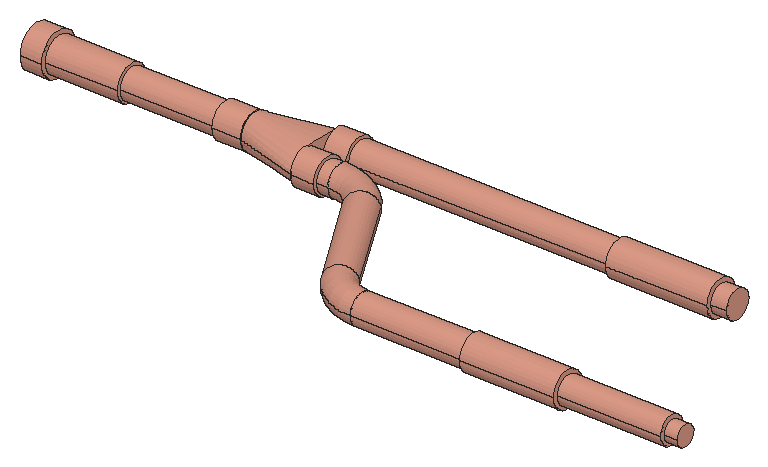
Revit family "outputfile", category 配管付属品, Revit 2024
Family settings
  丸型コネクタ寸法 = 半径を使用
  パーツ タイプ = 標準
  OmniClass 番号 = 23.65.55.00
  OmniClass タイトル = Distribution of Supplied Liquids/Gases
  作業面ベース = いいえ
  常に垂直 = はい
  ロード時にボイドで切り取り = いいえ
  共有 = いいえ
Parameters (values of type "BHRP26A72TA")
  Description = ""
  製造元 = "Daikin"
  書き出し IFC クラス(タイプ) = "IfcPipeFittingType"
  定義済み IFC タイプ(タイプ) = "JUNCTION"
  Cost = 0
  Type Comments = ""
  Keynote = ""
  Type Image = (empty or 0)
  Assembly Code = ""
  mm⇔inch [instance] = yes
  l_InletPipe4 = 12.0 mm
  built-in parameter 1114242 [instance] = (empty or 0)
  Default Elevation = 0.0 mm
  モデル = "BHRP26A72TA"
  table_StraightPipe [instance] = if(mm⇔inch, "Refnet Joint_BHRP26A-TA_Liquid_StraightPipe", "Refnet Joint_BHRP26A-TA_Liquid_StraightPipe_inch")  # "Refnet Joint_BHRP26A-TA_Liquid_StraightPipe"
  table_BranchPipe [instance] = if(mm⇔inch, "Refnet Joint_BHRP26A-TA_Liquid_BranchPipe", "Refnet Joint_BHRP26A-TA_Liquid_BranchPipe_inch")  # "Refnet Joint_BHRP26A-TA_Liquid_BranchPipe"
  table_Inlet [instance] = if(mm⇔inch, "Refnet Joint_BHRP26A-TA_Liquid_Inlet", "Refnet Joint_BHRP26A-TA_Liquid_Inlet_inch")  # "Refnet Joint_BHRP26A-TA_Liquid_Inlet"
  switch_StraightPipe_Reducer [instance] = if(Is_StraightPipe Reducer = 1, 1 = 1, 1 = 0)  # no
  switch_StraightPipe3 [instance] = if(number_StraightPipe = 3, 1 = 1, 1 = 0)  # no
  switch_StraightPipe2 [instance] = if(number_StraightPipe < 2, 1 = 0, 1 = 1)  # yes
  switch_BranchPipe_Reducer [instance] = if(Is_BranchPipe Reducer = 1, 1 = 1, 1 = 0)  # no
  switch_BranchPipe3 [instance] = if(number_BranchPipe = 3, 1 = 1, 1 = 0)  # yes
  switch_BranchPipe2 [instance] = if(number_BranchPipe < 2, 1 = 0, 1 = 1)  # yes
  switch_Inlet pipe_Reducer [instance] = if(Is_Inlet Reducer = 1, 1 = 1, 1 = 0)  # no
  switch_Inlet pipe3 [instance] = if(number_InletPipe = 3, 1 = 1, 1 = 0)  # no
  switch_Inlet pipe2 [instance] = if(number_InletPipe < 2, 1 = 0, 1 = 1)  # yes
  Uniclass2015Version = "Products v1.31"
  Uniclass2015Title = "Copper pipe fittings"
  Uniclass2015Code = "Pr_65_52_63_18"
  URL = ""
  StraightPipe_Liquid_ActualDiameter [instance] = 9.5 mm
  Material_Piping = DAIKIN_Copper_Pipe
  Material_Insulation = DAIKIN_White_Insulation
  lw_Insulation [instance] = size_lookup(table_Inlet, "lw_Insulation", 38.0 mm, モデル)  # 52.0 mm
  Unit Type = "BHRP26A-TA_Liquid"
  Tag No. [instance] = ""
  StraightPipe_Liquid_Status [instance] = size_lookup(table_StraightPipe, "Information", "The connected pipe size is not available.", モデル, StraightPipe_Liquid_ActualDiameter)  # "Default connector size is used."
  Link_Nested Family [instance] = ""
  Inlet_Liquid_Actual Diameter [instance] = 15.9 mm
  IfcVersion = ""
  IfcExportType = "JUNCTION"
  IfcExportAs = "IfcPipeFittingType"
  BranchPipe_Liquid_Status [instance] = size_lookup(table_BranchPipe, "Information", "The connected pipe size is not available.", モデル, BranchPipe_Liquid_ActualDiameter)  # "Default connector size is used."
  Inlet_Liquid_Status [instance] = size_lookup(table_Inlet, "Information", "The connected pipe size is not available.", モデル, Inlet_Liquid_Actual Diameter)  # "Default connector size is used."
  Series = "Refnet Joint"
  O.R_dividePipe_Inlet [instance] = (I.D_InletPipe1 + 2.0 mm) / 2  # 7.35 mm
  r_StraightPipe_Connector [instance] = StraightPipe_Liquid_ActualDiameter / 2  # 4.75 mm
  r_BranchPipe_Connector [instance] = BranchPipe_Liquid_ActualDiameter / 2  # 3.2 mm
  r_Inlet_Connector [instance] = Inlet_Liquid_Actual Diameter / 2  # 7.95 mm
  number_StraightPipe [instance] = size_lookup(table_StraightPipe, "pipeNumber", 2, モデル, StraightPipe_Liquid_ActualDiameter)  # 2
  number_BranchPipe [instance] = size_lookup(table_BranchPipe, "pipeNumber", 2, モデル, BranchPipe_Liquid_ActualDiameter)  # 3
  number_InletPipe [instance] = size_lookup(table_Inlet, "pipeNumber", 1, モデル, Inlet_Liquid_Actual Diameter)  # 2
  r_BranchPipeR [instance] = size_lookup(table_BranchPipe, "r_offsetPipeR", 18.0 mm, モデル, BranchPipe_Liquid_ActualDiameter)  # 20.0 mm
  l_BranchPipe_Straight2 [instance] = size_lookup(table_BranchPipe, "L_offsetPipe2", 26.5 mm, モデル)  # 47.0 mm
  l_BranchPipe_Straight1 [instance] = size_lookup(table_BranchPipe, "L_offsetPipe1", 5.0 mm, モデル)  # 5.0 mm
  l_BranchPipe connector [instance] = size_lookup(table_BranchPipe, "Length", 150.0 mm, モデル, BranchPipe_Liquid_ActualDiameter)  # 212.0 mm
  l_inlet connector [instance] = size_lookup(table_Inlet, "Length", 70.0 mm, モデル, Inlet_Liquid_Actual Diameter)  # 92.0 mm
  l_dividePipe [instance] = size_lookup(table_Inlet, "L_devidePipe", 30.0 mm, モデル)  # 28.0 mm
  l_StraightPipeReducer [instance] = size_lookup(table_StraightPipe, "L_Reducer", 80.0 mm, モデル, StraightPipe_Liquid_ActualDiameter)  # 80.0 mm
  l_StraightPipe3 [instance] = size_lookup(table_StraightPipe, "L_Pipe3", 2.0 mm, モデル)  # 2.0 mm
  l_StraightPipe2 [instance] = size_lookup(table_StraightPipe, "L_Pipe2", 6.0 mm, モデル)  # 7.0 mm
  l_StraightPipe1 [instance] = size_lookup(table_StraightPipe, "L_Pipe1", 44.0 mm, モデル)  # 43.0 mm
  l_StraightPipe0 [instance] = size_lookup(table_StraightPipe, "L_Pipe0", 130.0 mm, モデル)  # 110.0 mm
  l_StraightPipe connector [instance] = size_lookup(table_StraightPipe, "Length", 190.0 mm, モデル, StraightPipe_Liquid_ActualDiameter)  # 170.0 mm
  l_BranchPipe Reducer [instance] = size_lookup(table_BranchPipe, "L_Reducer", 50.0 mm, モデル, BranchPipe_Liquid_ActualDiameter)  # 50.0 mm
  l_BranchPipe3 [instance] = size_lookup(table_BranchPipe, "L_Pipe3", 2.0 mm, モデル)  # 6.0 mm
  l_BranchPipe2 [instance] = size_lookup(table_BranchPipe, "L_Pipe2", 6.0 mm, モデル)  # 44.0 mm
  l_BranchPipe1 [instance] = size_lookup(table_BranchPipe, "L_Pipe1", 44.0 mm, モデル)  # 40.0 mm
  l_BranchPipe0 [instance] = size_lookup(table_BranchPipe, "L_Pipe0", 90.0 mm, モデル)  # 112.0 mm
  l_InletReducer [instance] = size_lookup(table_Inlet, "L_Reducer", 80.0 mm, モデル, Inlet_Liquid_Actual Diameter)  # 80.0 mm
  l_InletPipe3 [instance] = size_lookup(table_Inlet, "L_Pipe3", 2.0 mm, モデル)  # 2.0 mm
  l_InletPipe2 [instance] = size_lookup(table_Inlet, "L_Pipe2", 2.0 mm, モデル)  # 9.0 mm
  l_InletPipe1 [instance] = size_lookup(table_Inlet, "L_Pipe1", 7.0 mm, モデル)  # 31.0 mm
  l_InletPipe0 [instance] = size_lookup(table_Inlet, "L_Pipe0", 53.0 mm, モデル)  # 40.0 mm
  center_StraightPipe [instance] = size_lookup(table_StraightPipe, "center_Pipe", 6.5 mm, モデル)  # 8.5 mm
  center_BranchPipe2 [instance] = size_lookup(table_BranchPipe, "center_OffsetPipe", 73.5 mm, モデル)  # 71.5 mm
  center_BranchPipe1 [instance] = size_lookup(table_BranchPipe, "center_Pipe", 6.5 mm, モデル)  # 8.5 mm
  StraightPipe_Liquid_AvailableDiameter [instance] = size_lookup(table_StraightPipe, "sizeVariation", "", モデル)  # "9.5/12.7/15.9mm"
  BranchPipe_Liquid_AvailableDiameter [instance] = size_lookup(table_BranchPipe, "sizeVariation", "", モデル)  # "6.4/9.5/12.7mm"
  Inlet_Liquid_Available Diameter [instance] = size_lookup(table_Inlet, "sizeVariation", "", モデル)  # "12.7/15.9/19.1mm"
  O.D_StraightPipe Reducer [instance] = size_lookup(table_StraightPipe, "O.D_reducer", 2.0 mm, モデル, StraightPipe_Liquid_ActualDiameter)  # 2.0 mm
  O.D_Offset Outlet Reducer [instance] = size_lookup(table_BranchPipe, "O.D_reducer", 2.0 mm, モデル, BranchPipe_Liquid_ActualDiameter)  # 2.0 mm
  O.D_Inlet Reducer [instance] = size_lookup(table_Inlet, "O.D_reducer", 2.0 mm, モデル, Inlet_Liquid_Actual Diameter)  # 2.0 mm
  Is_StraightPipe Reducer [instance] = size_lookup(table_StraightPipe, "IsReducer", 0, モデル, StraightPipe_Liquid_ActualDiameter)  # 0
  Is_BranchPipe Reducer [instance] = size_lookup(table_BranchPipe, "IsReducer", 0, モデル, BranchPipe_Liquid_ActualDiameter)  # 0
  Is_Inlet Reducer [instance] = size_lookup(table_Inlet, "IsReducer", 0, モデル, Inlet_Liquid_Actual Diameter)  # 0
  BranchPipe_Liquid_ActualDiameter [instance] = 6.4 mm
  Attach_Insulation [instance] = no
  I.D_StraightPipe3 [instance] = size_lookup(table_StraightPipe, "I.D_PipeSize3", 2.0 mm, モデル)  # 2.0 mm
  I.D_StraightPipe2 [instance] = size_lookup(table_StraightPipe, "I.D_PipeSize2", 6.4 mm, モデル)  # 9.5 mm
  I.D_StraightPipe1 [instance] = size_lookup(table_StraightPipe, "I.D_PipeSize1", 9.5 mm, モデル)  # 12.7 mm
  I.D_StraightPipe0 [instance] = size_lookup(table_StraightPipe, "I.D_PipeSize0", 7.5 mm, モデル)  # 10.7 mm
  I.D_BranchPipe3 [instance] = size_lookup(table_BranchPipe, "I.D_PipeSize3", 2.0 mm, モデル)  # 6.4 mm
  I.D_BranchPipe2 [instance] = size_lookup(table_BranchPipe, "I.D_PipeSize2", 6.4 mm, モデル)  # 9.5 mm
  I.D_BranchPipe1 [instance] = size_lookup(table_BranchPipe, "I.D_PipeSize1", 9.5 mm, モデル)  # 12.7 mm
  I.D_BranchPipe0 [instance] = size_lookup(table_BranchPipe, "I.D_PipeSize0", 7.5 mm, モデル)  # 10.7 mm
  I.D_Straight Reducer [instance] = size_lookup(table_StraightPipe, "I.D_reducer", 2.0 mm, モデル, StraightPipe_Liquid_ActualDiameter)  # 2.0 mm
  I.D_OutletPipe [instance] = size_lookup(table_Inlet, "I.D_OutletPipeSize", 9.6 mm, モデル, Inlet_Liquid_Actual Diameter)  # 12.8 mm
  I.D_Branch Reducer [instance] = size_lookup(table_BranchPipe, "I.D_reducer", 2.0 mm, モデル, BranchPipe_Liquid_ActualDiameter)  # 2.0 mm
  I.D_Inlet Reducer [instance] = size_lookup(table_Inlet, "I.D_reducer", 2.0 mm, モデル, Inlet_Liquid_Actual Diameter)  # 2.0 mm
  I.D_InletPipe3 [instance] = size_lookup(table_Inlet, "I.D_PipeSize3", 2.0 mm, モデル)  # 2.0 mm
  I.D_InletPipe2 [instance] = size_lookup(table_Inlet, "I.D_PipeSize2", 2.0 mm, モデル)  # 15.9 mm
  I.D_InletPipe1 [instance] = size_lookup(table_Inlet, "I.D_PipeSize1", 9.5 mm, モデル)  # 12.7 mm
  I.D_InletPipe0 [instance] = size_lookup(table_Inlet, "I.D_PipeSize0", 7.5 mm, モデル)  # 10.7 mm
Reference planes
  plane 1 "Center (Front/Back)": y = 0
  plane 2: z = 0
  plane 3 "base_left": x = 0
  plane 4: x = 2
  plane 5: x = 11
  plane 6: x = 42
  plane 7: x = 82
  plane 8: x = 94
  plane 9: x = 122
  plane 10: x = 132
  plane 11 "center_straight outlet": y = 8.5
  plane 12 "center2_offset outlet": y = -71.5
  plane 13 "center1_offset outlet": y = -8.5
  plane 14: x = 242
  plane 15: x = 285
  plane 16: x = 292
  plane 17: x = 244
  plane 18: x = 284
  plane 19: x = 328
  plane 20: x = 294
  plane 21: x = 334
  plane 22 "Reducer_straightoutlet": x = 334
  plane 23: x = 292
  plane 24: y = -15.85
  plane 25: z = 7.35
  plane 26 "Inlet_connector": x = 2
  plane 27 "Left_Insulation": x = 42
Forms (mm)
  SweptBlend 1, solid, material "DAIKIN_Copper_Pipe" <- "Material_Piping"
    path origin (0, 0, 0) x (1, 0, 0) y (0, 1, 0)
      loop
        line (94, 0) -> (122, 0)
    profile origin (94, 0, 0) x (0, 1, 0) y (0, 0, 1)
      loop
        circle (0, 0) r 7.35
    end profile origin (122, 0, 0) x (0, 1, 0) y (0, 0, 1)
      loop
        spline (-15.85, 0) -> (-15.31, -1.902) -> (-13.727, -3.675) -> (-11.208, -5.197) -> (-7.925, -6.365) -> (-4.102, -7.1) -> (0, -7.35) -> (4.102, -7.1) -> (7.925, -6.365) -> (11.208, -5.197) -> (13.727, -3.675) -> (15.31, -1.902) -> (15.85, 0)
        spline (15.85, 0) -> (15.31, 1.902) -> (13.727, 3.675) -> (11.208, 5.197) -> (7.925, 6.365) -> (4.102, 7.1) -> (0, 7.35) -> (-4.102, 7.1) -> (-7.925, 6.365) -> (-11.208, 5.197) -> (-13.727, 3.675) -> (-15.31, 1.902) -> (-15.85, 0)
Dimensions and locks
  "l_InletPipe3": plane 3 "base_left" to plane 4
  "l_InletPipe2": plane 4 to plane 5
  "l_InletPipe1": plane 5 to plane 6
  "l_InletPipe0": plane 6 to plane 7
  "l_InletPipe4": plane 7 to plane 8
  "center_StraightPipe": plane 1 "Center (Front/Back)" to plane 11 "center_straight outlet"
  "center_BranchPipe2": plane 12 "center2_offset outlet" to plane 1 "Center (Front/Back)"
  "center_BranchPipe1": plane 13 "center1_offset outlet" to plane 1 "Center (Front/Back)"
  "l_dividePipe": plane 8 to plane 9
  plane 9 to plane 10 = 10.0 mm
  "l_StraightPipe0": plane 10 to plane 14
  "l_BranchPipe0": plane 10 to plane 17
  "l_BranchPipe1": plane 17 to plane 18
  "l_BranchPipe2": plane 18 to plane 19
  "l_StraightPipe1": plane 14 to plane 15
  "l_StraightPipe2": plane 15 to plane 16
  "l_StraightPipe3": plane 16 to plane 20
  "l_BranchPipe3": plane 19 to plane 21
  "l_BranchPipe connector": plane 9 to plane 22 "Reducer_straightoutlet"
  "l_StraightPipe connector": plane 9 to plane 23
  "O.R_dividePipe_Inlet": plane 24 to plane 13 "center1_offset outlet"
  "O.R_dividePipe_Inlet": plane 25 to plane 2
  "l_inlet connector": plane 26 "Inlet_connector" to plane 8
  "lw_Insulation": plane 27 "Left_Insulation" to plane 8
  "O.R_dividePipe_Inlet": radius of SweptBlend 1 sketch curve
  aligned and locked: level to plane 2
  aligned and locked: plane 2 to nested 1
  aligned and locked: plane 3 "base_left" to nested 1
  aligned and locked: plane 1 "Center (Front/Back)" to nested 1
  aligned and locked: plane 4 to nested 2
  aligned and locked: plane 1 "Center (Front/Back)" to nested 2
  aligned and locked: plane 5 to nested 2
  aligned and locked: plane 5 to nested 3
  aligned and locked: plane 6 to nested 3
  aligned and locked: plane 6 to nested 4
  aligned and locked: nested 4 to plane 7
  aligned and locked: nested 5 to plane 7
  aligned and locked: nested 5 to plane 8
  aligned and locked: plane 8 to SweptBlend 1 sketch curve
  aligned and locked: plane 9 to SweptBlend 1 sketch curve
  aligned and locked: plane 2 to SweptBlend 1 sketch curve  (x2)
  aligned and locked: plane 1 "Center (Front/Back)" to SweptBlend 1 sketch curve  (x2)
  aligned and locked: nested 6 to plane 9
  aligned and locked: nested 7 to plane 9
  aligned and locked: nested 6 to plane 11 "center_straight outlet"
  aligned and locked: nested 7 to plane 13 "center1_offset outlet"
  aligned and locked: nested 7 to plane 10
  aligned and locked: nested 6 to plane 10
  aligned and locked: nested 8 to plane 10
  aligned and locked: plane 14 to nested 8
  aligned and locked: nested 8 to plane 11 "center_straight outlet"
  aligned and locked: plane 14 to nested 9
  aligned and locked: nested 9 to plane 11 "center_straight outlet"
  aligned and locked: plane 15 to nested 9
  aligned and locked: nested 10 to plane 11 "center_straight outlet"
  aligned and locked: plane 15 to nested 10
  aligned and locked: plane 16 to nested 10
  aligned and locked: nested 11 to plane 12 "center2_offset outlet"
  aligned and locked: plane 17 to nested 11
  aligned and locked: plane 18 to nested 11
  aligned and locked: nested 12 to plane 12 "center2_offset outlet"
  aligned and locked: plane 18 to nested 12
  aligned and locked: plane 19 to nested 12
  aligned and locked: nested 13 to plane 10
  aligned and locked: nested 13 to plane 13 "center1_offset outlet"
  aligned and locked: nested 13 to plane 12 "center2_offset outlet"
  aligned and locked: plane 8 to nested 14
  aligned and locked: plane 1 "Center (Front/Back)" to nested 14
  aligned and locked: plane 11 "center_straight outlet" to nested 15
  aligned and locked: nested 15 to plane 9
  aligned and locked: nested 16 to plane 9
  aligned and locked: plane 12 "center2_offset outlet" to nested 16
  aligned and locked: nested 17 to plane 1 "Center (Front/Back)"
  aligned and locked: plane 16 to nested 18
  aligned and locked: plane 20 to nested 18
  aligned and locked: plane 19 to nested 19
  aligned and locked: plane 21 to nested 19
  aligned and locked: nested 20 to plane 12 "center2_offset outlet"
  aligned and locked: plane 23 to nested 21
  aligned and locked: nested 21 to plane 11 "center_straight outlet"
  aligned and locked: plane 4 to nested 1
  aligned and locked: plane 24 to SweptBlend 1 sketch curve
  aligned and locked: plane 25 to SweptBlend 1 sketch curve
  aligned and locked: nested 19 to plane 12 "center2_offset outlet"
  aligned and locked: nested 18 to plane 11 "center_straight outlet"
  aligned and locked: nested 17 to plane 26 "Inlet_connector"
  aligned and locked: plane 22 "Reducer_straightoutlet" to nested 20
  aligned and locked: plane 27 "Left_Insulation" to nested 22
  aligned and locked: plane 1 "Center (Front/Back)" to nested 22
Automatic sketch dimensions
  plane 1 "Center (Front/Back)" to SweptBlend 1 sketch curve = 0.0 mm
Nested families
  nested 1: "daikin_Pipe" at (1, 0, 0), I.D_Pipe <- "I.D_InletPipe3", display <- "switch_Inlet pipe3", type "*"
    with length_Pipe 2.0 mm, display no, O.D_Pipe 4.0 mm, I.D_Pipe 2.0 mm
  nested 2: "daikin_Pipe" at (6.5, 0, 0), I.D_Pipe <- "I.D_InletPipe2", display <- "switch_Inlet pipe2", type "*"
    with length_Pipe 9.0 mm, display yes, O.D_Pipe 17.9 mm, I.D_Pipe 15.9 mm
  nested 3: "daikin_Pipe" at (26.5, 0, 0), I.D_Pipe <- "I.D_InletPipe1", type "*"
    with length_Pipe 31.0 mm, display yes, O.D_Pipe 14.7 mm, I.D_Pipe 12.7 mm
  nested 4: "daikin_Pipe" at (62, 0, 0), I.D_Pipe <- "I.D_InletPipe0", type "*"
    with length_Pipe 40.0 mm, display yes, O.D_Pipe 12.7 mm, I.D_Pipe 10.7 mm
  nested 5: "daikin_Pipe" at (88, 0, 0), I.D_Pipe <- "I.D_InletPipe1", type "*"
    with length_Pipe 12.0 mm, display yes, O.D_Pipe 14.7 mm, I.D_Pipe 12.7 mm
  nested 6: "daikin_Pipe" at (127, 8.5, 0), I.D_Pipe <- "I.D_OutletPipe", type "*"
    with length_Pipe 10.0 mm, display yes, O.D_Pipe 14.8 mm, I.D_Pipe 12.8 mm
  nested 7: "daikin_Pipe" at (127, -8.5, 0), I.D_Pipe <- "I.D_OutletPipe", type "*"
    with length_Pipe 10.0 mm, display yes, O.D_Pipe 14.8 mm, I.D_Pipe 12.8 mm
  nested 8: "daikin_Pipe" at (187, 8.5, 0), I.D_Pipe <- "I.D_StraightPipe0", type "*"
    with length_Pipe 110.0 mm, display yes, O.D_Pipe 12.7 mm, I.D_Pipe 10.7 mm
  nested 9: "daikin_Pipe" at (263.5, 8.5, 0), I.D_Pipe <- "I.D_StraightPipe1", type "*"
    with length_Pipe 43.0 mm, display yes, O.D_Pipe 14.7 mm, I.D_Pipe 12.7 mm
  nested 10: "daikin_Pipe" at (288.5, 8.5, 0), I.D_Pipe <- "I.D_StraightPipe2", display <- "switch_StraightPipe2", type "*"
    with length_Pipe 7.0 mm, display yes, O.D_Pipe 11.5 mm, I.D_Pipe 9.5 mm
  nested 11: "daikin_Pipe" at (264, -71.5, 0), I.D_Pipe <- "I.D_BranchPipe1", type "*"
    with length_Pipe 40.0 mm, display yes, O.D_Pipe 14.7 mm, I.D_Pipe 12.7 mm
  nested 12: "daikin_Pipe" at (306, -71.5, 0), I.D_Pipe <- "I.D_BranchPipe2", display <- "switch_BranchPipe2", type "*"
    with length_Pipe 44.0 mm, display yes, O.D_Pipe 11.5 mm, I.D_Pipe 9.5 mm
  nested 13: "daikin_Pipe Ofsset" at (132, -8.5, 0), I.D_Pipe size <- "I.D_BranchPipe0", length_straight pipe1 <- "l_BranchPipe_Straight1", length_straight pipe2 <- "l_BranchPipe_Straight2", r_Pipe R <- "r_BranchPipeR", length_Pipe <- "l_BranchPipe0", type "*"
    with r_Pipe R 20.0 mm, length_straight pipe2 47.0 mm, length_straight pipe1 5.0 mm, length_offset center 63.0 mm, length_Pipe 112.0 mm, O.D_Pipe size 12.7 mm, I.D_Pipe size 10.7 mm
  nested 14: "daikin_connector_rotate2" at (94, 0, 0) x (0, -1, 0) z (0, 0, 1), length <- "l_inlet connector", type "daikin_connector_rotate2"
    with radius 5.0 mm, length 92.0 mm, angle_vertical 90.00°, locaton_mark no
  nested 15: "daikin_connector_rotate2" at (122, 8.5, 0) x (0, 1, 0) z (0, 0, 1), length <- "l_StraightPipe connector", type "daikin_connector_rotate2"
    with radius 5.0 mm, length 170.0 mm, angle_vertical 90.00°, locaton_mark no
  nested 16: "daikin_connector_rotate2" at (122, -71.5, 0) x (0, 1, 0) z (0, 0, 1), length <- "l_BranchPipe connector", type "daikin_connector_rotate2"
    with radius 5.0 mm, length 212.0 mm, angle_vertical 90.00°, locaton_mark no
  nested 17: "daikin_Pipe_reducer" at (42, 0, 0) x (-1, 0, 0) z (0, 0, 1), display <- "switch_Inlet pipe_Reducer", length_Pipe <- "l_InletReducer", I.D_Pipe1 <- "I.D_Inlet Reducer", O.D_Pipe2 <- "O.D_Inlet Reducer", type "*"
    with length_Pipe 80.0 mm, display no, O.D_Pipe2 2.0 mm, O.D_Pipe1 4.0 mm, I.D_Pipe2 0.0 mm, I.D_Pipe1 2.0 mm
  nested 18: "daikin_Pipe" at (293, 8.5, 0), I.D_Pipe <- "I.D_StraightPipe3", display <- "switch_StraightPipe3", type "*"
    with length_Pipe 2.0 mm, display no, O.D_Pipe 4.0 mm, I.D_Pipe 2.0 mm
  nested 19: "daikin_Pipe" at (331, -71.5, 0), I.D_Pipe <- "I.D_BranchPipe3", display <- "switch_BranchPipe3", type "*"
    with length_Pipe 6.0 mm, display yes, O.D_Pipe 8.4 mm, I.D_Pipe 6.4 mm
  nested 20: "daikin_Pipe_reducer" at (309, -71.5, 0), I.D_Pipe1 <- "I.D_Branch Reducer", O.D_Pipe2 <- "O.D_Offset Outlet Reducer", length_Pipe <- "l_BranchPipe Reducer", display <- "switch_BranchPipe_Reducer", type "*"
    with length_Pipe 50.0 mm, display no, O.D_Pipe2 2.0 mm, O.D_Pipe1 4.0 mm, I.D_Pipe2 0.0 mm, I.D_Pipe1 2.0 mm
  nested 21: "daikin_Pipe_reducer" at (252, 8.5, 0), I.D_Pipe1 <- "I.D_Straight Reducer", O.D_Pipe2 <- "O.D_StraightPipe Reducer", length_Pipe <- "l_StraightPipeReducer", display <- "switch_StraightPipe_Reducer", type "*"
    with length_Pipe 80.0 mm, display no, O.D_Pipe2 2.0 mm, O.D_Pipe1 4.0 mm, I.D_Pipe2 0.0 mm, I.D_Pipe1 2.0 mm
  nested 22: "daikin_Insulation_RefnetJoint" at (42, 0, 0), I.D_Outlet PipeSize <- "I.D_OutletPipe", type "*"
    with h 44.8 mm, I.D_Outlet PipeSize 12.8 mm, r_Insulation 15.1 mm, h_Insulation 174.1 mm, d_Insulation3_3 66.6 mm, d_Insulation2_2 34.0 mm, d_Insulation1_1 23.3 mm, w_Insulation5 191.0 mm, w_Insulation4 69.6 mm, w_Insulation3 21.1 mm, w_Insulation2 65.5 mm, w_Insulation1 26.4 mm, d_Insulation3 63.1 mm, d_Insulation2 35.5 mm, d_Insulation1 24.7 mm
Connectors
  piping at (2, 0, 0), diameter 15.9, driven by "r_Inlet_Connector"
    settings: on nested 14, index 1, connector inside diameter 609.6 mm, connector length 0.0 mm, flow factor 0, pipe flow 0.00 m³/h, pressure drop 0.0 Pa, fitting loss kfactor 0, connector angle 0.00°, fixture units 0, engagement length 0.0 mm, angle of deflection 0.00°, flow configuration 0, flow direction 1, fitting loss method 0, system type 29, joint type 0, gender type 0, connector reference index -1, connector utility 0, adjustable connector no, is connector primary yes, connector description "Refnet Joint_Inlet_Liquid"
  piping at (334, -71.5, 0), diameter 6.4, driven by "r_BranchPipe_Connector"
    settings: on nested 16, index 2, connector inside diameter 609.6 mm, connector length 0.0 mm, flow factor 0, pipe flow 0.00 m³/h, pressure drop 0.0 Pa, fitting loss kfactor 0, connector angle 0.00°, fixture units 0, engagement length 0.0 mm, angle of deflection 0.00°, flow configuration 0, flow direction 2, fitting loss method 0, system type 29, joint type 0, gender type 0, connector reference index -1, connector utility 0, adjustable connector no, is connector primary no, connector description "Refnet Joint_Outlet Branch_Liquid"
  piping at (292, 8.5, 0), diameter 9.5, driven by "r_StraightPipe_Connector"
    settings: on nested 15, index 3, connector inside diameter 609.6 mm, connector length 0.0 mm, flow factor 0, pipe flow 0.00 m³/h, pressure drop 0.0 Pa, fitting loss kfactor 0, connector angle 0.00°, fixture units 0, engagement length 0.0 mm, angle of deflection 0.00°, flow configuration 0, flow direction 2, fitting loss method 0, system type 29, joint type 0, gender type 0, connector reference index -1, connector utility 0, adjustable connector no, is connector primary no, connector description "Refnet Joint_Outlet Straight_Liquid"
Definition of nested family "daikin_Pipe"
  Parameters (values of type "*")
    Default Elevation = 0.0 mm
    material = none
    length_Pipe [instance] = 150.0 mm
    display [instance] = yes
    O.D_Pipe [instance] = I.D_Pipe + 2.0 mm  # 27.0 mm
    I.D_Pipe [instance] = 25.0 mm
  Reference planes
    plane 1 "Center (Front/Back)": y = 0
    plane 2 "center(vertical)": z = 0
    plane 3 "Center (Left/Right)": x = 0
    plane 4 "left": x = -75
    plane 5 "right": x = 75
  Forms (mm)
    Extrusion 1, solid, material <- "material", visible <- "display"
      sketch origin (0, 0, 0) x (0, 1, 0) y (0, 0, 1)
        loop
          circle (0, 0) r 13.5
      from -75 to 75
  Dimensions and locks
    equal spacing: plane 4 "left", plane 3 "Center (Left/Right)", plane 5 "right"
    "length_Pipe": plane 4 "left" to plane 5 "right"
    "O.D_Pipe": diameter of Extrusion 1 sketch curve
    aligned and locked: level to plane 2 "center(vertical)"
    aligned and locked: plane 2 "center(vertical)" to Extrusion 1 sketch curve
    aligned and locked: plane 1 "Center (Front/Back)" to Extrusion 1 sketch curve
    aligned and locked: plane 5 "right" to Extrusion 1
    aligned and locked: Extrusion 1 to plane 4 "left"
Definition of nested family "daikin_Pipe Ofsset"
  Parameters (values of type "*")
    Default Elevation = 0.0 mm
    r_Pipe R [instance] = 18.0 mm
    material = none
    length_straight pipe2 [instance] = 25.5 mm
    length_straight pipe1 [instance] = 5.0 mm
    length_offset center [instance] = 67.5 mm
    length_Pipe [instance] = 90.0 mm
    O.D_Pipe size [instance] = I.D_Pipe size + 2.0 mm  # 12.0 mm
    I.D_Pipe size [instance] = 10.0 mm
  Reference planes
    plane 1 "Center (Front/Back)": y = 0
    plane 2: z = 0
    plane 3 "Center (Left/Right)": x = 0
    plane 4: y = -67.5
    plane 5: x = 90
    plane 6: x = 64.5
    plane 7: x = 5
  Forms (mm)
    Sweep 1, solid, material <- "material"
      path origin (0, 0, 0) x (1, 0, 0) y (0, 1, 0)
        loop
          line (0, 0) -> (5, 0)
          arc (5, 0) -> (14.03, -2.429) -> (20.623, -9.061) r 18
          line (20.623, -9.061) -> (48.877, -58.439)
          arc (48.877, -58.439) -> (55.47, -65.071) -> (64.5, -67.5) r 18
          line (64.5, -67.5) -> (90, -67.5)
      profile origin (2.5, 0, 0) x (0, 1, 0) y (0, 0, 1)
        loop
          circle (0, 0) r 6
  Dimensions and locks
    "length_offset center": plane 4 to plane 1 "Center (Front/Back)"
    "length_straight pipe1": plane 3 "Center (Left/Right)" to plane 7
    "length_Pipe": plane 3 "Center (Left/Right)" to plane 5
    "length_straight pipe2": plane 6 to plane 5
    "O.D_Pipe size": diameter of Sweep 1 sketch curve
    "r_Pipe R": radius of Sweep 1 sketch curve  (x2)
    aligned and locked: level to plane 2
    aligned and locked: plane 1 "Center (Front/Back)" to Sweep 1 sketch curve
    aligned and locked: profile plane to Sweep 1 sketch curve
    aligned and locked: plane 5 to Sweep 1 sketch curve
    aligned and locked: plane 7 to Sweep 1 sketch curve
    aligned and locked: plane 6 to Sweep 1 sketch curve
  Automatic sketch dimensions
    plane 1 "Center (Front/Back)" to Sweep 1 sketch curve = 0.0 mm
    Sweep 1 sketch curve to plane 3 "Center (Left/Right)" = 0.0 mm
    plane 4 to Sweep 1 sketch curve = 0.0 mm
Definition of nested family "daikin_connector_rotate2"
  Parameters (values of type "daikin_connector_rotate2")
    show_face = no
    radius [instance] = 10.0 mm
    locaton_mark = yes
    length [instance] = 600.0 mm
    d_surface = 10.0 mm
    angle_vertical [instance] = 90.00°
    Default Elevation = 0.0 mm
  Reference planes
    plane 1 "Center (Front/Back)": y = 0
    plane 2: z = 0
    plane 3 "Center (Left/Right)": x = 0
  Forms (mm)
    Extrusion 1, solid, visible <- "show_face"
      sketch origin (0, -600, 0) x (1, 0, 0) y (0, 0, 1)
        loop
          circle (0, 0) r 10
      from 0 to -10
  Lines and regions (mm)
    reference lines
      curve 1: line (0, 0, 0) -> (0, -600, 0)
    symbolic lines, visible <- "locaton_mark"
      curve 2: circle (0, 0, 0) r 5 normal (0, 0, 1)
    model lines, visible <- "show_face"
      curve 3: line (0, 0, 0) -> (0, -600, 0)
  Dimensions and locks
    "length": curve 1 to curve 1
    "length": curve 3 to curve 3
    "d_surface": Extrusion 1 to Extrusion 1
    "radius": radius of Extrusion 1 sketch curve
    "angle_vertical": angle curve 1 to plane 1 "Center (Front/Back)"
    "angle_vertical": angle curve 3 to plane 1 "Center (Front/Back)"
    aligned and locked: level to plane 2
    aligned and locked: plane 1 "Center (Front/Back)" to curve 1
    aligned and locked: plane 2 to curve 1
    aligned and locked: plane 1 "Center (Front/Back)" to curve 2
    aligned and locked: plane 3 "Center (Left/Right)" to curve 2
    aligned and locked: plane 1 "Center (Front/Back)" to curve 3
    aligned and locked: plane 2 to curve 3
    aligned and locked: Extrusion 1 to Extrusion 1
  Automatic sketch dimensions
    Extrusion 1 sketch curve to level = 0.0 mm
    Extrusion 1 sketch curve to plane 3 "Center (Left/Right)" = 0.0 mm
    radius of curve 2 = 5.0 mm
Definition of nested family "daikin_Pipe_reducer"
  Parameters (values of type "*")
    Default Elevation = 0.0 mm
    material = none
    length_Pipe [instance] = 250.0 mm
    display [instance] = yes
    O.D_Pipe2 [instance] = 19.1 mm
    O.D_Pipe1 [instance] = I.D_Pipe1 + 2.0 mm  # 24.2 mm
    I.D_Pipe2 [instance] = O.D_Pipe2 - 2.0 mm  # 17.1 mm
    I.D_Pipe1 [instance] = 22.2 mm
  Reference planes
    plane 1 "Center (Front/Back)": y = 0
    plane 2 "center(vertical)": z = 0
    plane 3 "Center (Left/Right)": x = 0
    plane 4 "connection": x = -125
    plane 5 "right": x = 113
    plane 6: x = 125
  Forms (mm)
    Extrusion 1, solid, material <- "material", visible <- "display"
      sketch origin (0, 0, 0) x (0, 1, 0) y (0, 0, 1)
        loop
          circle (0, 0) r 9.55
      from -125 to 113
    Extrusion 2, solid, material <- "material", visible <- "display"
      sketch origin (0, 0, 0) x (0, 1, 0) y (0, 0, 1)
        loop
          circle (0, 0) r 12.1
      from 113 to 125
  Dimensions and locks
    locked: plane 5 "right" to plane 6 at 12
    "length_Pipe": plane 4 "connection" to plane 6
    equal spacing: plane 4 "connection", plane 3 "Center (Left/Right)", plane 6
    "O.D_Pipe2": diameter of Extrusion 1 sketch curve
    "O.D_Pipe1": diameter of Extrusion 2 sketch curve
    aligned and locked: level to plane 2 "center(vertical)"
    aligned and locked: plane 2 "center(vertical)" to Extrusion 1 sketch curve
    aligned and locked: plane 1 "Center (Front/Back)" to Extrusion 1 sketch curve
    aligned and locked: plane 5 "right" to Extrusion 1
    aligned and locked: Extrusion 1 to plane 4 "connection"
    aligned and locked: plane 2 "center(vertical)" to Extrusion 2 sketch curve
    aligned and locked: plane 1 "Center (Front/Back)" to Extrusion 2 sketch curve
    aligned and locked: Extrusion 2 to plane 5 "right"
    aligned and locked: plane 6 to Extrusion 2
Definition of nested family "daikin_Insulation_RefnetJoint"
  Parameters (values of type "*")
    r_Insulation = size_lookup(table_Insulation, "r_Insulation", 17.0 mm, Model)  # 17.0 mm
    h_Insulation = size_lookup(table_Insulation, "h_Insulation", 146.0 mm, Model)  # 146.0 mm
    d_Insulation3_3 = size_lookup(table_Insulation, "d_Insulation3_3", 64.0 mm, Model)  # 64.0 mm
    d_Insulation2_2 = size_lookup(table_Insulation, "d_Insulation2_2", 30.0 mm, Model)  # 30.0 mm
    d_Insulation1_1 = size_lookup(table_Insulation, "d_Insulation1_1", 22.0 mm, Model)  # 22.0 mm
    Default Elevation = 0.0 mm
    Model = "BHRP26A22TA"
    w_Insulation5 = size_lookup(table_Insulation, "w_Insulation5", 153.0 mm, Model)  # 153.0 mm
    w_Insulation4 = size_lookup(table_Insulation, "w_Insulation4", 51.5 mm, Model)  # 51.5 mm
    w_Insulation3 = size_lookup(table_Insulation, "w_Insulation3", 33.1 mm, Model)  # 33.1 mm
    w_Insulation2 = size_lookup(table_Insulation, "w_Insulation2", 35.3 mm, Model)  # 35.3 mm
    w_Insulation1 = size_lookup(table_Insulation, "w_Insulation1", 1.0 mm, Model)  # 1.0 mm
    table_Insulation = "Refnet Joint_BHRP26A-TA_Liquid_Insulation"  # constant formula
    material = none
    h [instance] = (I.D_Outlet PipeSize + 2.0 mm) + 30.0 mm  # 47.0 mm
    display = no
    d_Insulation3 = size_lookup(table_Insulation, "d_Insulation3", 63.0 mm, Model)  # 63.0 mm
    d_Insulation2 = size_lookup(table_Insulation, "d_Insulation2", 32.0 mm, Model)  # 32.0 mm
    d_Insulation1 = size_lookup(table_Insulation, "d_Insulation1", 24.0 mm, Model)  # 24.0 mm
    I.D_Outlet PipeSize [instance] = 15.0 mm
  Reference planes
    plane 1 "Center (Front/Back)": y = 0
    plane 2: z = 0
    plane 3 "Left": x = 0
    plane 4 "top": z = 23.5
    plane 5 "bottom": z = -23.5
    plane 6: x = 1
    plane 7: x = 35.3
    plane 8: y = 22
    plane 9: y = -24
    plane 10: y = 30
    plane 11: y = -32
    plane 12: y = -97
    plane 13: x = 153
    plane 14: y = -34
    plane 15: x = 68.4
    plane 16: x = 101.5
    plane 17: x = 146
  Forms (mm)
    Extrusion 1, solid, material <- "material", visible <- "display"
      sketch origin (-21, 0, 0) x (1, 0, 0) y (0, 1, 0)
        loop
          line (22, 22) -> (21, 22) -> (21, -24) -> (22, -24) -> (56.3, -32) -> (89.4, -32) -> (122.5, -97) -> (174, -97) -> (174, -51) -> (167, -51)
          arc (167, -51) -> (150, -34) -> (167, -17) r 17
          line (167, -17) -> (174, -17) -> (174, 30) -> (56.3, 30) -> (22, 22)
      from -23.5 to 23.5
  Dimensions and locks
    equal spacing: plane 4 "top", plane 2, plane 5 "bottom"
    "h": plane 4 "top" to plane 5 "bottom"
    "w_Insulation1": plane 3 "Left" to plane 6
    "w_Insulation2": plane 3 "Left" to plane 7
    "w_Insulation5": plane 3 "Left" to plane 13
    "w_Insulation3": plane 7 to plane 15
    "w_Insulation4": plane 16 to plane 13
    "d_Insulation1": plane 1 "Center (Front/Back)" to plane 9
    "d_Insulation1_1": plane 8 to plane 1 "Center (Front/Back)"
    "d_Insulation2": plane 1 "Center (Front/Back)" to plane 11
    "d_Insulation2_2": plane 10 to plane 1 "Center (Front/Back)"
    "d_Insulation3_3": plane 10 to plane 14
    "d_Insulation3": plane 14 to plane 12
    "r_Insulation": Extrusion 1 sketch curve to plane 14
    "r_Insulation": plane 14 to Extrusion 1 sketch curve
    "h_Insulation": plane 3 "Left" to plane 17
    "r_Insulation": radius of Extrusion 1 sketch curve
    aligned and locked: level to plane 2
    aligned and locked: Extrusion 1 to plane 5 "bottom"
    aligned and locked: plane 4 "top" to Extrusion 1
    aligned and locked: plane 6 to Extrusion 1  (x2)
    aligned and locked: plane 7 to Extrusion 1  (x2)
    aligned and locked: plane 6 to Extrusion 1 sketch curve
    aligned and locked: Extrusion 1 sketch curve to plane 11
    aligned and locked: plane 7 to Extrusion 1 sketch curve  (x2)
    aligned and locked: Extrusion 1 sketch curve to plane 10
    aligned and locked: Extrusion 1 sketch curve to plane 12
    aligned and locked: Extrusion 1 sketch curve to plane 13  (x2)
    aligned and locked: plane 16 to Extrusion 1 sketch curve
    aligned and locked: plane 15 to Extrusion 1 sketch curve
    aligned and locked: plane 17 to Extrusion 1 sketch curve
  Automatic sketch dimensions
    Extrusion 1 sketch curve to plane 3 "Left" = 0.0 mm
    Extrusion 1 sketch curve to plane 6 = 0.0 mm
    Extrusion 1 sketch curve to plane 9 = 0.0 mm
    Extrusion 1 sketch curve to plane 8 = 0.0 mm
